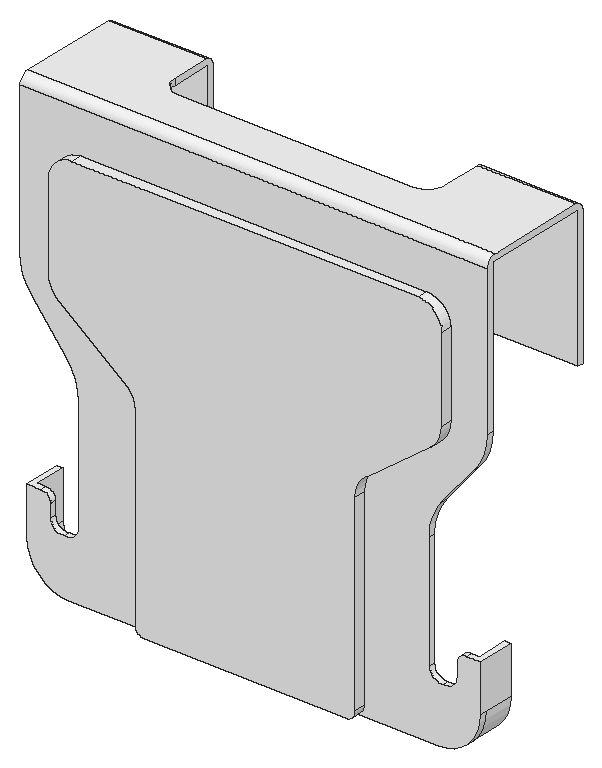
Revit family "clip_cw19", category 機械設備, Revit 2022
Family settings
  丸型コネクタ寸法 = 直径を使用
  種別 = なし
  パーツ タイプ = 標準
  作業面ベース = いいえ
  常に垂直 = はい
  ロード時にボイドで切り取り = いいえ
  注釈の向きを維持 = いいえ
  共有 = いいえ
  部屋計算ポイント = いいえ
Parameters
  製造元 = "株式会社桐井製作所"
  既定の高さ = 0 mm
  URL = "https://www.kirii.co.jp/"
  K_材質 = "SGCC　一般用"
  K_品名 = "CW-19用クリップ"
  K_名称 = "クリップ"
  K_単位質量(kg/個) = 0.016
  K_入数 = "500"
  K_バージョン情報 = "20210524"
  K_めっき付着量 = "Z12"
  K_JIS規格 = "JIS G 3302"
  K_JIS外 [instance] = not(K_JIS)  # no
  K_JIS [instance] = yes
Reference planes
  plane 1 "中心(正面/背面)": y = 0
  plane 2: z = 0
  plane 3 "中心(左/右)": x = 0
Forms (mm)
  Extrusion 1, solid
    sketch origin (-12.5, 0, 0) x (1, 0, 0) y (0, 0, 1)
      loop
        line (31, 43) -> (-6, 43)
        arc (-6, 43) -> (-7.768, 42.268) -> (-8.5, 40.5) r 2.5
        line (-8.5, 40.5) -> (-8.5, 31.492)
        arc (-8.5, 31.492) -> (-8.186, 30.156) -> (-7.31, 29.1) r 3
        line (-7.31, 29.1) -> (-0.44, 23.9)
        arc (-0.44, 23.9) -> (0.436, 22.844) -> (0.75, 21.508) r 3
        line (0.75, 21.508) -> (0.75, 1)
        arc (0.75, 1) -> (1.043, 0.293) -> (1.75, 0) r 1
        line (1.75, 0) -> (23.25, 0)
        arc (23.25, 0) -> (23.957, 0.293) -> (24.25, 1) r 1
        line (24.25, 1) -> (24.25, 21.508)
        arc (24.25, 21.508) -> (24.564, 22.844) -> (25.44, 23.9) r 3
        line (25.44, 23.9) -> (32.31, 29.1)
        arc (32.31, 29.1) -> (33.186, 30.156) -> (33.5, 31.492) r 3
        line (33.5, 31.492) -> (33.5, 40.5)
        arc (33.5, 40.5) -> (32.768, 42.268) -> (31, 43) r 2.5
    from -1.17 to 0
  Extrusion 2, solid
    sketch origin (-12.5, 0, 0) x (1, 0, 0) y (0, 0, 1)
      loop
        line (-11.15, 10.122) -> (-11.75, 9.6) -> (-11.75, 4.5)
        arc (-11.75, 4.5) -> (-10.432, 1.318) -> (-7.25, 0) r 4.5
        line (-7.25, 0) -> (32.25, 0)
        arc (32.25, 0) -> (35.432, 1.318) -> (36.75, 4.5) r 4.5
        line (36.75, 4.5) -> (36.75, 9.6) -> (36.15, 10.122) -> (36.15, 4.5)
        arc (36.15, 4.5) -> (35.008, 1.742) -> (32.25, 0.6) r 3.9
        line (32.25, 0.6) -> (-7.25, 0.6)
        arc (-7.25, 0.6) -> (-10.008, 1.742) -> (-11.15, 4.5) r 3.9
        line (-11.15, 4.5) -> (-11.15, 10.122)
    from -5.17 to -1.8
  Extrusion 3, void
    sketch origin (-12.5, 0, 0) x (1, 0, 0) y (0, 0, 1)
      loop
        arc (31.25, 7.25) -> (31.709, 6.282) -> (32.75, 6.025) r 1.25
        arc (32.75, 6.025) -> (33.791, 6.282) -> (34.25, 7.25) r 1.25
        line (34.25, 7.25) -> (34.25, 8.6)
        arc (34.25, 8.6) -> (34.543, 9.307) -> (35.25, 9.6) r 1
        line (35.25, 9.6) -> (36.75, 9.6) -> (36.75, 4.5)
        arc (36.75, 4.5) -> (35.432, 1.318) -> (32.25, 0) r 4.5
        line (32.25, 0) -> (37.5, 0) -> (37.5, 31.63)
        arc (37.5, 31.63) -> (37.154, 29.623) -> (36.157, 27.847) r 6
        line (36.157, 27.847) -> (32.593, 23.461)
        arc (32.593, 23.461) -> (31.596, 21.685) -> (31.25, 19.677) r 6
        line (31.25, 19.677) -> (31.25, 7.25)
      loop
        arc (-6.25, 19.434) -> (-6.577, 21.387) -> (-7.522, 23.128) r 6
        line (-7.522, 23.128) -> (-11.228, 27.872)
        arc (-11.228, 27.872) -> (-12.173, 29.613) -> (-12.5, 31.566) r 6
        line (-12.5, 31.566) -> (-12.5, 0) -> (-7.25, 0)
        arc (-7.25, 0) -> (-10.432, 1.318) -> (-11.75, 4.5) r 4.5
        line (-11.75, 4.5) -> (-11.75, 9.6) -> (-10.25, 9.6)
        arc (-10.25, 9.6) -> (-9.543, 9.307) -> (-9.25, 8.6) r 1
        line (-9.25, 8.6) -> (-9.25, 7.25)
        arc (-9.25, 7.25) -> (-8.791, 6.282) -> (-7.75, 6.025) r 1.25
        arc (-7.75, 6.025) -> (-6.709, 6.282) -> (-6.25, 7.25) r 1.25
        line (-6.25, 7.25) -> (-6.25, 19.434)
    from -5.17 to 0
  Extrusion 4, void
    sketch origin (-12.5, 0, 0) x (1, 0, 0) y (0, 1, 0)
      loop
        arc (25, 6.67) -> (26.414, 7.256) -> (27, 8.67) r 2
        line (27, 8.67) -> (27, 13.798) -> (-2, 13.798) -> (-2, 8.67)
        arc (-2, 8.67) -> (-1.414, 7.256) -> (0, 6.67) r 2
        line (0, 6.67) -> (25, 6.67)
    from 32.9 to 48.855
  Extrusion 5, solid
    sketch origin (-12.5, 30, 0) x (0, 1, 0) y (0, 0, 1)
      loop
        line (-28.2, 47.9) -> (-16.819, 47.9) -> (-16.819, 32.283) -> (-16.202, 32.9) -> (-16.202, 47.684)
        arc (-16.202, 47.684) -> (-16.482, 48.236) -> (-17.033, 48.518) r 1
        line (-17.033, 48.518) -> (-27.828, 48.53)
        arc (-27.828, 48.53) -> (-28.536, 48.238) -> (-28.83, 47.53) r 1
        line (-28.83, 47.53) -> (-28.83, 0) -> (-27.64, 0) -> (-28.2, 0.6) -> (-28.2, 47.9)
    from -12.5 to 37.5
  Extrusion 6, void
    sketch origin (-12.5, 0, 0) x (0, 1, 0) y (0, 0, 1)
      loop
        line (13.798, 32.9) -> (12.798, 32.9) -> (12.798, 31.9) -> (13.798, 31.9) -> (13.798, 32.9)
    from -12.5 to 37.5
Cuts and joins
  Extrusion 3 cuts Extrusion 2
  Extrusion 3, Extrusion 4, Extrusion 6 cuts Extrusion 5
  joined: Extrusion 1, Extrusion 2, Extrusion 5
Dimensions and locks
  aligned and locked: level to plane 2
